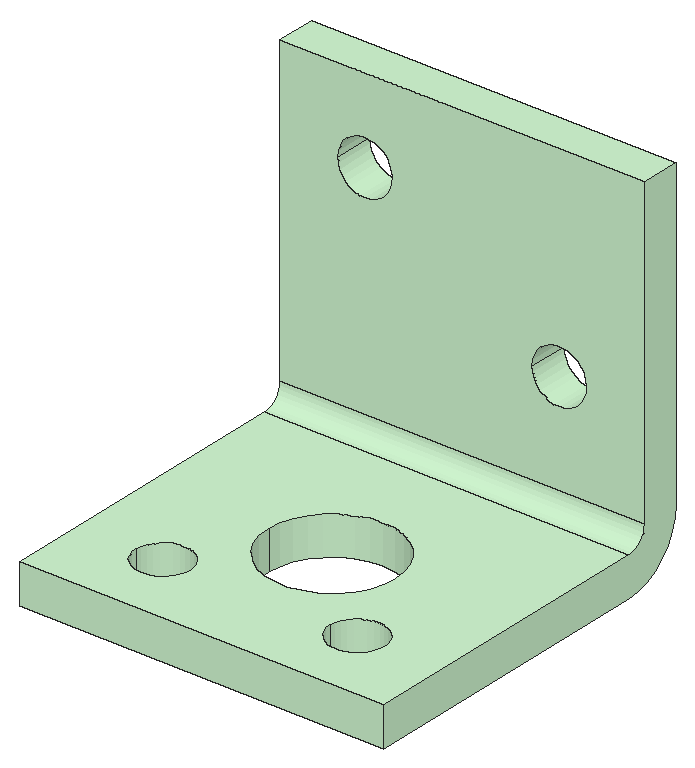
Revit family "L-t3.2×30×30L", category 機械設備, Revit 2020
Family settings
  丸型コネクタ寸法 = 直径を使用
  種別 = なし
  パーツ タイプ = 標準
  作業面ベース = いいえ
  常に垂直 = はい
  ロード時にボイドで切り取り = いいえ
  共有 = いいえ
  部屋計算ポイント = いいえ
Parameters
  製造元 = "株式会社桐井製作所"
  既定の高さ = 0 mm
  URL = "https://www.kirii.co.jp/"
  K_品名 = "L-t3.2×30×30L"
  K_名称 = "その他金物"
  K_入数 = "200"
  K_バージョン情報 = "20210524"
Reference planes
  plane 1 "中心(正面/背面)": y = 0
  plane 2: z = 0
  plane 3 "中心(左/右)": x = 0
Forms (mm)
  Extrusion 1, solid
    sketch origin (0, 0, 0) x (0, 0, -1) y (0, 1, 0)
      loop
        line (-30, -3.2) -> (-4.8, -3.2)
        arc (-4.8, -3.2) -> (-3.669, -3.669) -> (-3.2, -4.8) r 1.6
        line (-3.2, -4.8) -> (-3.2, -30) -> (0, -30) -> (0, -4.8)
        arc (0, -4.8) -> (-1.406, -1.406) -> (-4.8, 0) r 4.8
        line (-4.8, 0) -> (-30, 0) -> (-30, -3.2)
    from -15 to 15
  Extrusion 2, void
    sketch origin (0, 0, 0) x (1, 0, 0) y (0, 1, 0)
      loop
        circle (0, -16.6) r 5.25
      loop
        circle (8, -24) r 2.25
      loop
        circle (-8, -24) r 2.25
    from 0 to 3.2
  Extrusion 3, void
    sketch origin (0, 0, 0) x (1, 0, 0) y (0, 0, -1)
      loop
        circle (8, -13.2) r 2.25
      loop
        circle (-8, -23) r 2.25
    from -3.2 to 0
Cuts and joins
  Extrusion 2, Extrusion 3 cuts Extrusion 1
Dimensions and locks
  aligned and locked: level to plane 2
